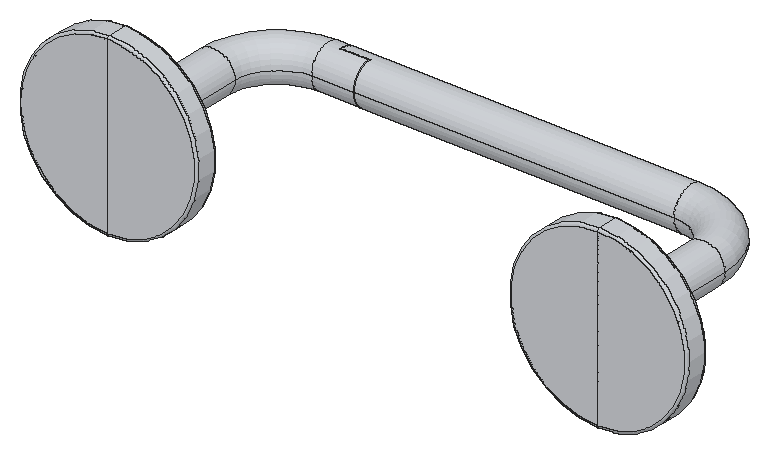
Revit family "SA-4605", category Plumbing Fixtures, host Wall, Revit 2023
Family settings
  Host = Wall
  Round Connector Dimension = Use Diameter
  Part Type = Normal
  OmniClass Number = 23.45.00.00
  OmniClass Title = Sanitary, Laundry, and Cleaning Equipment
  Enable Cutting in Views = No
  Always vertical = Yes
  Cut with Voids When Loaded = No
  Maintain Annotation Orientation = No
  Shared = No
  Room Calculation Point = No
Parameters
  Material = Steel
  Default Elevation = 0' - 0"
Reference planes (in)
  plane 1: y = 0
  plane 2 "Back": y = 3
  plane 3: z = 0.28125
  plane 4: z = -0.28125
  plane 5: y = 5.875
Text (in)
  text "Placement Side" at (0, 40.15149, 123.01588), in view "Left"
  text "Placement Side" at (-70.3804, 45.82615, 0), in view "Ref. Level"
  text "⌀" at (7.54484, 0, -0.97309), in view "Front"
Dimensions and locks (in)
  locked: plane 2 "Back" to host wall
  plane 4 to plane 3 = 0' - 0 9/16"
  plane 5 to plane 2 "Back" = 0' - 2 7/8"
  nested 1 to nested 1 = 0' - 6 1/2"
  nested 1 to nested 1 = 0' - 8 7/8"
  diameter of nested 1 = 0' - 2 3/8"
Nested families (in)
  nested 1: "bb" at (5.8507, 3, 0) x (-1, 0, 0) z (0, 1, 0), type "bb"
Definition of nested family "bb"
  Parameters (values of type "bb")
    Material = none
    Default Elevation = 4' - 0"
  Reference planes (in)
    plane 1 "Center (Front/Back)": y = 0
    plane 2: z = 0
    plane 3 "Center (Left/Right)": x = 0
    plane 4: z = 2.875
    plane 5: x = -4.4375
    plane 6: x = 4.4375
  Forms (in)
    Extrusion 1, solid
      sketch origin (0, 0, 0) x (1, 0, 0) y (0, 1, 0)
        loop
          line (-48, 48) -> (-48, -48) -> (48, -48) -> (48, 48) -> (-48, 48)
      from 0 to -12
    Revolve 2, solid, material <- "Material"
      sketch origin (-3.25, -3.58733, 6) x (0, -1, 0) y (0, 0, 1)
        loop
          line (-3.58733, -6) -> (-2.43108, -6)
          arc (-2.43108, -6) -> (-2.40899, -5.99085) -> (-2.39983, -5.96875) r 0.03125
          line (-2.39983, -5.96875) -> (-2.39983, -5.71321)
          arc (-2.39983, -5.71321) -> (-2.4177, -5.68716) -> (-2.44766, -5.67712) r 0.04973
          arc (-2.44766, -5.67712) -> (-2.61164, -5.62587) -> (-2.71723, -5.49034) r 0.28793
          line (-2.71723, -5.49034) -> (-2.80632, -5.40126) -> (-3.58733, -5.40126) -> (-3.58733, -6)
        axis (-3.58733, -5.40126) -> (-3.58733, -6)
      angle from 0 to 360
    Sweep 3, solid, material <- "Material"
      path origin (6.32781, 0, 6) x (1, 0, 0) y (0, 0, 1)
        loop
          line (-9.57781, -5.40126) -> (-9.57781, -4.25211)
          arc (-9.57781, -4.25211) -> (-9.33006, -3.654) -> (-8.73195, -3.40625) r 0.84586
          line (-8.73195, -3.40625) -> (-3.92367, -3.40625)
          arc (-3.92367, -3.40625) -> (-3.32556, -3.654) -> (-3.07781, -4.25211) r 0.84586
          line (-3.07781, -4.25211) -> (-3.07781, -5.40126)
      profile origin (-3.25, 0, 1.17332) x (-1, 0, 0) y (0, -1, 0)
        loop
          circle (0, 0) r 0.28125
    Revolve 4, solid, material <- "Material"
      sketch origin (3.25, -3.58733, 6) x (0, -1, 0) y (0, 0, -1)
        loop
          line (-3.58733, 6) -> (-3.58733, 5.40126) -> (-2.80632, 5.40126) -> (-2.71723, 5.49034)
          arc (-2.71723, 5.49034) -> (-2.61164, 5.62587) -> (-2.44766, 5.67712) r 0.28793
          arc (-2.44766, 5.67712) -> (-2.4177, 5.68716) -> (-2.39983, 5.71321) r 0.04973
          line (-2.39983, 5.71321) -> (-2.39983, 5.96875)
          arc (-2.39983, 5.96875) -> (-2.40899, 5.99085) -> (-2.43108, 6) r 0.03125
          line (-2.43108, 6) -> (-3.58733, 6)
        axis (-3.58733, 5.40126) -> (-3.58733, 6)
      angle from 0 to 360
    Extrusion 5, void
      sketch origin (0, -0.22701, 0.00991) x (1, 0, 0) y (0, 0.087156, 0.996195)
        loop
          line (2.22432, 2.98962) -> (2.1778, 2.98962) -> (2.2087, 2.95872) -> (2.2087, 2.60155) -> (1.83151, 2.60155) -> (1.83151, 2.24616) -> (1.80924, 2.21962) -> (1.84714, 2.21962) -> (1.84714, 2.58593) -> (2.22432, 2.58593) -> (2.22432, 2.98962)
      from -1 to 1
  Cuts and joins
    Extrusion 5 cuts Sweep 3
  Dimensions and locks (in)
    locked: Revolve 2 sketch curve to Revolve 2 sketch curve at 0.59874
    aligned and locked: plane 2 to Extrusion 1
    aligned and locked: level to Extrusion 1
